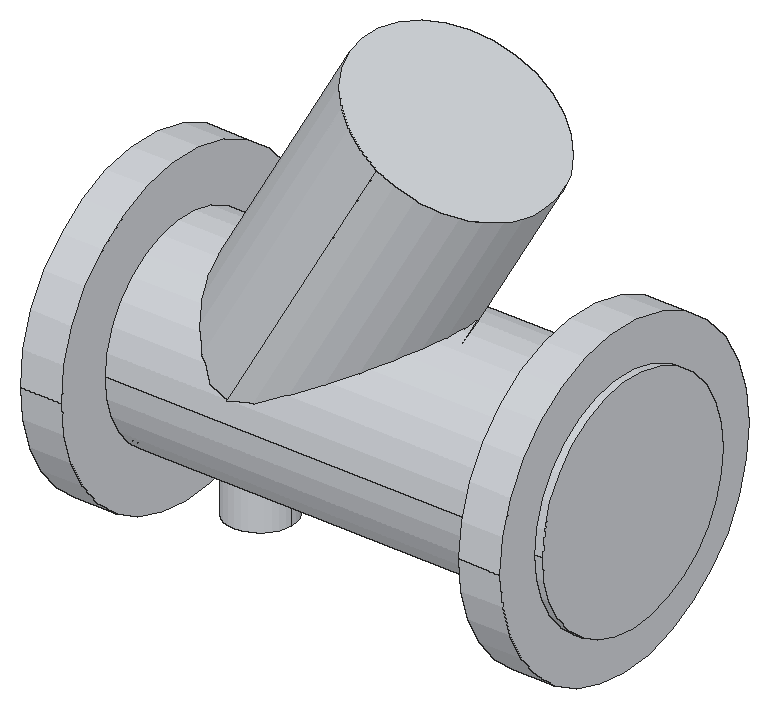
Revit family "HS 821-síto_jemné-PN40-DN150-RFA_2019", category Pipe Accessories, Revit 2019
Family settings
  Round Connector Dimension = Use Diameter
  Part Type = Breaks Into
  Work Plane-Based = No
  Always vertical = Yes
  Cut with Voids When Loaded = No
  Shared = No
Parameters (values of type "821F-DN150-PN40-síto_jemné")
  magiProductId = "0153b9ddabe14992a630484929fdbc"
  magiProductFamilyId = "79214ac3aaa945e397802f559f5c1e"
  magiPartTypeId = 307
  isMeasuringValve [instance] = no
  ang2D [instance] = 0.00°
  ZB__ve = -ZB  # -47 mm
  ZB1 = 88.29 mm
  ZB = 47 mm
  X2 = 155.885 mm
  X1 = 67.2 mm
  W2D = 15 mm
  VersionID = "2.0/2017.9.26.1/ZETKAMA_821_001"
  Use Minimum Symbol Size [instance] = yes
  URL = "www.hydronic.cz"
  Type Comments = "Filtr přírubový; síto jemné; A-PN16 (-10~300°C); D-PN25 (-10~350°C); F-PN40 (-10~400°C)"
  S = 218 mm
  QmdConnectorList = "301;D;302;D"
  Productdata [instance] = ""
  Manufacturer = "Hydronic Systems Prague s.r.o."
  MC Product Code = "250 692 (821F; DN150; PN40; kvs401,4; oko síta 0,63mm)"
  LM1 = 38.4 mm
  LM = 384 mm
  L4 = 120 mm
  L2D_Min = 3048 mm
  L2D = 130 mm
  L2 = 240 mm
  HH2 = 270 mm
  FD = 300 mm
  Description = "Filtr přírubový; síto jemné; 821A-PN16; 821D-PN25; 821F-PN40"
  DM1 = 192 mm
  DM = 196.2 mm
  D = 150 mm
  CC = 8.16 mm
  CAT0 = yes
  C1 = 39.84 mm
  C = 48 mm
  BD = 61.803 mm
Types (40, lengths in mm): name | magiProductId | ZB__ve | ZB1 | ZB | X2 | X1 | S | MC Product Code | LM1 | LM | L4 | L2 | HH2 | FD | DM1 | DM | D | CC | C1 | C | BD
  821A-DN015-PN16-síto_jemné | "a71bcfe8b393460598b23e8ddf7dc5" | -16.25 | 18.63 | 16.25 | 46.982 | 18.2 | 46 | "210 115 (821A; DN015; PN16; kvs6,2; oko síta 0,63mm)" | 10.4 | 104 | 32.5 | 65 | 81.375 | 95 | 27.6 | 41.4 | 15 | 2.21 | 10.79 | 13 | 13.041
  821A-DN020-PN16-síto_jemné | "41cd6c7a12924f4991217528336076" | -17.75 | 22.68 | 17.75 | 51.673 | 21 | 56 | "210 120 (821A; DN020; PN16; kvs9,6; oko síta 0,63mm)" | 12 | 120 | 37.5 | 75 | 89.5 | 105 | 33.6 | 50.4 | 20 | 2.55 | 12.45 | 15 | 15.876
  821A-DN025-PN16-síto_jemné | "be378b463ed14c3abf4c9b3ae8cf3a" | -19.25 | 26.325 | 19.25 | 58.601 | 22.4 | 65 | "210 125 (821A; DN025; PN16; kvs14,2; oko síta 0,63mm)" | 12.8 | 128 | 40 | 80 | 101.5 | 115 | 43.2 | 58.5 | 25 | 2.72 | 13.28 | 16 | 18.427
  821A-DN032-PN16-síto_jemné | "227a0d18b21540afabe8b6067d35fa" | -23 | 30.78 | 23 | 68.849 | 25.2 | 76 | "210 132 (821A; DN032; PN16; kvs23,1; oko síta 0,63mm)" | 14.4 | 144 | 45 | 90 | 119.25 | 140 | 50.4 | 68.4 | 32 | 3.06 | 14.94 | 18 | 21.546
  821A-DN040-PN16-síto_jemné | "d106917c74724141a10440112d0102" | -24.5 | 34.02 | 24.5 | 75.777 | 28 | 84 | "210 140 (821A; DN040; PN16; kvs36,6; oko síta 0,63mm)" | 16 | 160 | 50 | 100 | 131.25 | 150 | 60 | 75.6 | 40 | 3.4 | 16.6 | 20 | 23.814
  821A-DN050-PN16-síto_jemné | "8255d456a09e4f6486734f5dd9171b" | -26.75 | 40.095 | 26.75 | 79.061 | 32.2 | 99 | "210 150 (821A; DN050 PN16; kvs53,7; oko síta 0,63mm)" | 18.4 | 184 | 57.5 | 115 | 136.938 | 165 | 73.8 | 89.1 | 50 | 3.91 | 19.09 | 23 | 28.066
  821A-DN065-PN16-síto_jemné | "235b1b3e4c0843779a4d5e3716d40a" | -29.75 | 47.79 | 29.75 | 86.927 | 40.6 | 118 | "210 165 (821A; DN065; PN16; kvs95,1; oko síta 0,63mm)" | 23.2 | 232 | 72.5 | 145 | 150.562 | 185 | 94.2 | 106.2 | 65 | 4.93 | 24.07 | 29 | 33.453
  821A-DN080-PN16-síto_jemné | "a067f7c5236348ed8c820d16df7214" | -32 | 53.46 | 32 | 104.753 | 43.4 | 132 | "210 180 (821A; DN080; PN16; kvs137,1; oko síta 0,63mm)" | 24.8 | 248 | 77.5 | 155 | 181.438 | 200 | 107.4 | 118.8 | 80 | 5.27 | 25.73 | 31 | 37.422
  821A-DN100-PN16-síto_jemné | "c49a648c2747461285837d643703cd" | -35 | 63.18 | 35 | 114.857 | 49 | 156 | "210 190 (821A; DN100; PN16; kvs206,4; oko síta 0,63mm)" | 28 | 280 | 87.5 | 175 | 198.937 | 220 | 131.4 | 140.4 | 100 | 5.95 | 29.05 | 35 | 44.226
  821A-DN125-PN16-síto_jemné | "bf68e728a163493cbd2a663b26ebdc" | -39.5 | 74.52 | 39.5 | 131.888 | 56 | 184 | "210 191 (821A; DN125; PN16; kvs268,8; oko síta 0,63mm)" | 32 | 320 | 100 | 200 | 228.438 | 250 | 165 | 165.6 | 125 | 6.8 | 33.2 | 40 | 52.164
  821A-DN150-PN16-síto_jemné | "2de770284b654863ae6bc865769dc5" | -44.75 | 85.455 | 44.75 | 155.885 | 67.2 | 211 | "210 192 (821A; DN150; PN16; kvs401,4; oko síta 0,63mm)" | 38.4 | 384 | 120 | 240 | 270 | 285 | 192 | 189.9 | 150 | 8.16 | 39.84 | 48 | 59.818
  821A-DN200-PN16-síto_jemné | "8e5693371ab64aabb29a7f08c76e15" | -53 | 107.73 | 53 | 188.361 | 84 | 266 | "210 193 (821A; DN200; PN16; kvs706,7; oko síta 0,63mm)" | 48 | 480 | 150 | 300 | 326.25 | 340 | 252 | 239.4 | 200 | 10.2 | 49.8 | 60 | 75.411
  821A-DN250-PN16-síto_jemné | "05e37ed948c34047acdd4c42556504" | -62.75 | 129.195 | 62.75 | 255.911 | 102.2 | 319 | "210 194 (821A; DN250; PN16; kvs1229,4; oko síta 0,63mm)" | 58.4 | 584 | 182.5 | 365 | 443.25 | 405 | 309.6 | 287.1 | 250 | 12.41 | 60.59 | 73 | 90.436
  821A-DN300-PN16-síto_jemné | "9ad0af747269428da925480d83ce80" | -71 | 149.85 | 71 | 325.914 | 119 | 370 | "210 195 (821A; DN300; PN16; kvs1902,4; oko síta 0,63mm)" | 68 | 680 | 212.5 | 425 | 564.5 | 460 | 369.6 | 333 | 300 | 14.45 | 70.55 | 85 | 104.895
  821A-DN350-PN16-síto_jemné | "eebc71459bb3451bb4355e7951370a" | -80 | 173.745 | 80 | 356.875 | 137.2 | 429 | "200 196 (821A; DN350; PN16; kvs2611,0; oko síta 0,63mm)" | 78.4 | 784 | 245 | 490 | 618.125 | 520 | 438 | 386.1 | 350 | 16.66 | 81.34 | 98 | 121.621
  821A-DN400-PN16-síto_jemné | "d2f677cb196647e385b2590e7d8abe" | -89 | 194.4 | 89 | 392.237 | 154 | 480 | "210 197 (821A; DN400; PN16; kvs3438,4; oko síta 0,63mm)" | 88 | 880 | 275 | 550 | 679.375 | 580 | 498 | 432 | 400 | 18.7 | 91.3 | 110 | 136.08
  821D-DN015-PN25-síto_jemné | "27ddcbf555414f8ca1fde329bf9087" | -16.25 | 18.63 | 16.25 | 46.982 | 18.2 | 46 | "210 215 (821D; DN015; PN25; kvs6,2; oko síta 0,63mm)" | 10.4 | 104 | 32.5 | 65 | 81.375 | 95 | 27.6 | 41.4 | 15 | 2.21 | 10.79 | 13 | 13.041
  821D-DN020-PN25-síto_jemné | "270e0f14012f47189cd0235c18faee" | -17.75 | 22.68 | 17.75 | 51.673 | 21 | 56 | "210 220 (821D; DN020; PN25; kvs9,6; oko síta 0,63mm)" | 12 | 120 | 37.5 | 75 | 89.5 | 105 | 33.6 | 50.4 | 20 | 2.55 | 12.45 | 15 | 15.876
  821D-DN025-PN25-síto_jemné | "b9a7fb4aa36643878c637d8e1ab992" | -19.25 | 26.325 | 19.25 | 58.601 | 22.4 | 65 | "210 225 (821D; DN025; PN25; kvs14,2; oko síta 0,63mm)" | 12.8 | 128 | 40 | 80 | 101.5 | 115 | 43.2 | 58.5 | 25 | 2.72 | 13.28 | 16 | 18.427
  821D-DN032-PN25-síto_jemné | "6be9a55c4e68400f94eec7e804204c" | -23 | 30.78 | 23 | 68.849 | 25.2 | 76 | "210 232 (821D; DN032; PN25; kvs23,1; oko síta 0,63mm)" | 14.4 | 144 | 45 | 90 | 119.25 | 140 | 50.4 | 68.4 | 32 | 3.06 | 14.94 | 18 | 21.546
  821D-DN040-PN25-síto_jemné | "c54511bd7f584ec2984291479612cb" | -24.5 | 34.02 | 24.5 | 75.777 | 28 | 84 | "210 240 (821D; DN040; PN25; kvs36,6; oko síta 0,63mm)" | 16 | 160 | 50 | 100 | 131.25 | 150 | 60 | 75.6 | 40 | 3.4 | 16.6 | 20 | 23.814
  821D-DN050-PN25-síto_jemné | "5483b1f596b04cd39b23a14a22c90e" | -26.75 | 40.095 | 26.75 | 79.061 | 32.2 | 99 | "210 250 (821D; DN050; PN25; kvs53,7; oko síta 0,63mm)" | 18.4 | 184 | 57.5 | 115 | 136.938 | 165 | 73.8 | 89.1 | 50 | 3.91 | 19.09 | 23 | 28.066
  821D-DN065-PN25-síto_jemné | "767b0f8318e94750bc7a9930ed5b30" | -29.75 | 47.79 | 29.75 | 86.927 | 40.6 | 118 | "210 265 (821D; DN065; PN25; kvs95,1; oko síta 0,63mm)" | 23.2 | 232 | 72.5 | 145 | 150.562 | 185 | 94.2 | 106.2 | 65 | 4.93 | 24.07 | 29 | 33.453
  821D-DN080-PN25-síto_jemné | "e21040fa3cc2404b858198f6b73709" | -32 | 53.46 | 32 | 104.753 | 43.4 | 132 | "210 280 (821D; DN080; PN25; kvs137,1; oko síta 0,63mm)" | 24.8 | 248 | 77.5 | 155 | 181.438 | 200 | 107.4 | 118.8 | 80 | 5.27 | 25.73 | 31 | 37.422
  821D-DN100-PN25-síto_jemné | "175ca87a506b40b3bc6b82f12f33cf" | -37.25 | 63.18 | 37.25 | 114.857 | 49 | 156 | "210 290 (821D; DN100; PN25; kvs206,4; oko síta 0,63mm)" | 28 | 280 | 87.5 | 175 | 198.937 | 235 | 131.4 | 140.4 | 100 | 5.95 | 29.05 | 35 | 44.226
  821D-DN125-PN25-síto_jemné | "77cc98d60da24855999a22dff726b2" | -42.5 | 74.52 | 42.5 | 131.888 | 56 | 184 | "210 291 (821D; DN125; PN25; kvs268,8; oko síta 0,63mm)" | 32 | 320 | 100 | 200 | 228.438 | 270 | 165 | 165.6 | 125 | 6.8 | 33.2 | 40 | 52.164
  821D-DN150-PN25-síto_jemné | "9cf8acfcd15547d68e83172d3abcbe" | -47 | 85.455 | 47 | 155.885 | 67.2 | 211 | "210 292 (821D; DN150; PN25; kvs401,4; oko síta 0,63mm)" | 38.4 | 384 | 120 | 240 | 270 | 300 | 192 | 189.9 | 150 | 8.16 | 39.84 | 48 | 59.818
  821D-DN200-PN25-síto_jemné | "16973f3c9ea14389ba8602495a6b64" | -56 | 110.97 | 56 | 188.361 | 84 | 274 | "210 293 (821D; DN200; PN25; kvs706,7; oko síta 0,63mm)" | 48 | 480 | 150 | 300 | 326.25 | 360 | 252 | 246.6 | 200 | 10.2 | 49.8 | 60 | 77.679
  821F-DN015-PN40-síto_jemné | "4c7eaf3c4c0340888b3e684d8a8616" | -16.25 | 18.225 | 16.25 | 46.982 | 18.2 | 45 | "250 615 (821F; DN015; PN40; kvs6,2; oko síta 0,63mm)" | 10.4 | 104 | 32.5 | 65 | 81.375 | 95 | 27.6 | 40.5 | 15 | 2.21 | 10.79 | 13 | 12.757
  821F-DN020-PN40-síto_jemné | "aaac5f1ec96b44d6ba96ac2293d66d" | -17.75 | 23.49 | 17.75 | 51.673 | 21 | 58 | "250 620 (821F; DN020; PN40; kvs9,6; oko síta 0,63mm)" | 12 | 120 | 37.5 | 75 | 89.5 | 105 | 33.6 | 52.2 | 20 | 2.55 | 12.45 | 15 | 16.443
  821F-DN025-PN40-síto_jemné | "504768023968471481789485b54c7e" | -19.25 | 27.54 | 19.25 | 58.601 | 22.4 | 68 | "250 625 (821F; DN025; PN40; kvs14,2; oko síta 0,63mm)" | 12.8 | 128 | 40 | 80 | 101.5 | 115 | 43.2 | 61.2 | 25 | 2.72 | 13.28 | 16 | 19.278
  821F-DN032-PN40-síto_jemné | "165e7f39cf744f329bdf1c400dad12" | -23 | 31.59 | 23 | 68.849 | 25.2 | 78 | "250 632 (821F; DN032; PN40; kvs23,1; oko síta 0,63mm)" | 14.4 | 144 | 45 | 90 | 119.25 | 140 | 50.4 | 70.2 | 32 | 3.06 | 14.94 | 18 | 22.113
  821F-DN040-PN40-síto_jemné | "b8903f952089408fbf3a5a632bab1f" | -24.5 | 35.64 | 24.5 | 75.777 | 28 | 88 | "250 640 (821F; DN040; PN40; kvs36,6; oko síta 0,63mm)" | 16 | 160 | 50 | 100 | 131.25 | 150 | 60 | 79.2 | 40 | 3.4 | 16.6 | 20 | 24.948
  821F-DN050-PN40-síto_jemné | "c451f97266fe48da8f879cb6a2bd44" | -26.75 | 41.31 | 26.75 | 79.061 | 32.2 | 102 | "250 650 (821F; DN050; PN40; kvs53,7; oko síta 0,63mm)" | 18.4 | 184 | 57.5 | 115 | 136.938 | 165 | 73.8 | 91.8 | 50 | 3.91 | 19.09 | 23 | 28.917
  821F-DN065-PN40-síto_jemné | "dc9821e3f9b34e128f6a8c6b34c198" | -29.75 | 49.41 | 29.75 | 86.927 | 40.6 | 122 | "250 665 (821F; DN065; PN40; kvs95,1; oko síta 0,63mm)" | 23.2 | 232 | 72.5 | 145 | 150.562 | 185 | 94.2 | 109.8 | 65 | 4.93 | 24.07 | 29 | 34.587
  821F-DN080-PN40-síto_jemné | "689aa1e260f84cf4994f027a1d86b5" | -32 | 55.89 | 32 | 104.753 | 43.4 | 138 | "250 680 (821F; DN080; PN40; kvs137,1; oko síta 0,63mm)" | 24.8 | 248 | 77.5 | 155 | 181.438 | 200 | 107.4 | 124.2 | 80 | 5.27 | 25.73 | 31 | 39.123
  821F-DN100-PN40-síto_jemné | "8a45d4e8e2ab425f8c432f21d684f3" | -37.25 | 65.61 | 37.25 | 114.857 | 49 | 162 | "250 690 (821F; DN100; PN40; kvs206,4; oko síta 0,63mm)" | 28 | 280 | 87.5 | 175 | 198.937 | 235 | 131.4 | 145.8 | 100 | 5.95 | 29.05 | 35 | 45.927
  821F-DN125-PN40-síto_jemné | "cf073904c006406b8645afa67ea2fc" | -42.5 | 76.14 | 42.5 | 131.888 | 56 | 188 | "250 691 (821F; DN125; PN40; kvs268,8; oko síta 0,63mm)" | 32 | 320 | 100 | 200 | 228.438 | 270 | 165 | 169.2 | 125 | 6.8 | 33.2 | 40 | 53.298
  821F-DN150-PN40-síto_jemné | "0153b9ddabe14992a630484929fdbc" | -47 | 88.29 | 47 | 155.885 | 67.2 | 218 | "250 692 (821F; DN150; PN40; kvs401,4; oko síta 0,63mm)" | 38.4 | 384 | 120 | 240 | 270 | 300 | 192 | 196.2 | 150 | 8.16 | 39.84 | 48 | 61.803
  821F-DN200-PN40-síto_jemné | "7fb3fc01dd8d42428c203e3f8dd4d5" | -56 | 115.425 | 56 | 188.361 | 84 | 285 | "250 693 (821F; DN200; PN40; kvs706,7; oko síta 0,63mm)" | 48 | 480 | 150 | 300 | 326.25 | 360 | 252 | 256.5 | 200 | 10.2 | 49.8 | 60 | 80.797
Reference planes
  plane 1 "Center (Front/Back)": y = 0
  plane 2 "XYPLANE": z = 0
  plane 3 "Center (Left/Right)": x = 0
  plane 4 "109": x = -153.6
  plane 5 "108": x = 192
  plane 6 "107": x = -192
  plane 7 "105": x = 240
  plane 8 "104": x = -240
  plane 9 "103": y = 0
  plane 10 "102": z = 0
  plane 11 "101": x = -231.84
  plane 12 "100": x = 231.84
  plane 13 "11": x = -86.4
  plane 14 "10": z = 270
  plane 15 "9": x = 69.485
  plane 16 "5": z = -88.29
  plane 17 "4": x = -120
  plane 18 "1": x = 120
Forms (mm)
  Extrusion 1, solid, visible <- "CAT0"
    sketch origin (-192, -750, 0) x (0, 1, 0) y (0, 0, 1)
      loop
        circle (750, 0) r 98.1
    from 0 to 384 <- "LM"
  Extrusion 2, solid
    sketch origin (-240, -750, 0) x (0, 1, 0) y (0, 0, 1)
      loop
        circle (750, 0) r 109
    from 0 to 8.16 <- "CC"
  Extrusion 3, solid
    sketch origin (-231.84, -750, 0) x (0, 1, 0) y (0, 0, 1)
      loop
        circle (750, 0) r 150
    from 0 to 39.84 <- "C1"
  Extrusion 4, solid
    sketch origin (192, -750, 0) x (0, 1, 0) y (0, 0, 1)
      loop
        circle (750, 0) r 150
    from 0 to 39.84 <- "C1"
  Extrusion 5, solid
    sketch origin (231.84, -750, 0) x (0, 1, 0) y (0, 0, 1)
      loop
        circle (750, 0) r 109
    from 0 to 8.16 <- "CC"
  Sweep 6, solid, visible <- "CAT0"
    path origin (750, 0, 0) x (-1, 0, 0) y (0, 0, 1)
      loop
        line (942, 0) -> (836.4, 0) -> (680.515, 270)
    profile origin (-192, 0, 0) x (0, 0, -1) y (0, 1, 0)
      loop
        circle (0, 0) r 96
  Extrusion 7, solid, visible <- "CAT0"
    sketch origin (-750, 0, -88.29) x (1, 0, 0) y (0, 1, 0)
      loop
        circle (630, 0) r 30.901
    from 0 to -47 <- "ZB__ve"
  Extrusion 8, solid, visible <- "CAT0"
    sketch origin (-750, 0, -88.29) x (1, 0, 0) y (0, 1, 0)
      loop
        circle (870, 0) r 30.901
    from 0 to -47 <- "ZB__ve"
  Extrusion 9, solid, not visible
    sketch origin (240, -750, 0) x (0, 1, 0) y (0, 0, 1)
      loop
        circle (750, 0) r 10
    from 0 to -10
  Extrusion 10, solid, not visible
    sketch origin (-240, -750, 0) x (0, 1, 0) y (0, 0, 1)
      loop
        circle (750, 0) r 10
    from 0 to 10
Lines and regions (mm)
  reference lines, not visible
    curve 1: circle (2, 2, 0) r 1 normal (0, 0, 1)
Dimensions and locks
  plane 1 "Center (Front/Back)" to curve 1 = 2 mm
  "LM1": plane 6 "107" to plane 4 "109"
  "LM": plane 6 "107" to plane 5 "108"
  "C": plane 8 "104" to plane 6 "107"
  "L2": plane 3 "Center (Left/Right)" to plane 7 "105"
  "L2": plane 3 "Center (Left/Right)" to plane 8 "104"
  locked: plane 1 "Center (Front/Back)" to plane 9 "103"
  locked: plane 2 "XYPLANE" to plane 10 "102"
  "CC": plane 8 "104" to plane 11 "101"
  "C1": plane 5 "108" to plane 12 "100"
  "X1": plane 4 "109" to plane 13 "11"
  "HH2": plane 2 "XYPLANE" to plane 14 "10"
  "X2": plane 13 "11" to plane 15 "9"
  "ZB1": plane 2 "XYPLANE" to plane 16 "5"
  "L4": plane 8 "104" to plane 17 "4"
  "L2": plane 17 "4" to plane 18 "1"
  Sweep 6 sketch curve to Sweep 6 sketch curve = 0 mm  (x2)
  "DM": diameter of Extrusion 1 sketch curve
  "S": diameter of Extrusion 2 sketch curve
  "FD": diameter of Extrusion 3 sketch curve
  "FD": diameter of Extrusion 4 sketch curve
  "S": diameter of Extrusion 5 sketch curve
  "DM1": diameter of Sweep 6 sketch curve
  "BD": diameter of Extrusion 7 sketch curve
  "BD": diameter of Extrusion 8 sketch curve
  aligned and locked: level to plane 2 "XYPLANE"
  aligned and locked: Extrusion 1 sketch curve to plane 9 "103"
  aligned and locked: plane 10 "102" to Extrusion 1 sketch curve
  aligned and locked: Extrusion 2 sketch curve to plane 9 "103"
  aligned and locked: plane 10 "102" to Extrusion 2 sketch curve
  aligned and locked: Extrusion 3 sketch curve to plane 9 "103"
  aligned and locked: plane 10 "102" to Extrusion 3 sketch curve
  aligned and locked: Extrusion 4 sketch curve to plane 9 "103"
  aligned and locked: plane 10 "102" to Extrusion 4 sketch curve
  aligned and locked: Extrusion 5 sketch curve to plane 9 "103"
  aligned and locked: plane 10 "102" to Extrusion 5 sketch curve
  aligned and locked: Sweep 6 sketch curve to plane 9 "103"
  aligned and locked: plane 10 "102" to Sweep 6 sketch curve  (x3)
  aligned and locked: plane 6 "107" to Sweep 6 sketch curve
  aligned and locked: plane 13 "11" to Sweep 6 sketch curve
  aligned and locked: plane 14 "10" to Sweep 6 sketch curve
  aligned and locked: plane 15 "9" to Sweep 6 sketch curve
  aligned and locked: plane 9 "103" to Extrusion 7 sketch curve
  aligned and locked: plane 17 "4" to Extrusion 7 sketch curve
  aligned and locked: plane 9 "103" to Extrusion 8 sketch curve
  aligned and locked: plane 18 "1" to Extrusion 8 sketch curve
  aligned and locked: Extrusion 9 sketch curve to plane 9 "103"
  aligned and locked: plane 10 "102" to Extrusion 9 sketch curve
  aligned and locked: Extrusion 10 sketch curve to plane 9 "103"
  aligned and locked: plane 10 "102" to Extrusion 10 sketch curve
Automatic sketch dimensions
  plane 1 "Center (Front/Back)" to Extrusion 9 sketch curve = 10 mm
  plane 1 "Center (Front/Back)" to Extrusion 10 sketch curve = 10 mm
  plane 3 "Center (Left/Right)" to curve 1 = 2 mm
  radius of curve 1 = 1 mm
Connectors
  piping at (-240, 0, 0), diameter 150, driven by "D"
    settings: on Extrusion 10, index 1, connector inside diameter 609.6 mm, connector length 0 mm, flow factor 0, pipe flow 0.0 L/s, pressure drop 0.0 Pa, fitting loss kfactor 0, connector angle 0.00°, fixture units 0, engagement length 0 mm, angle of deflection 0.00°, flow configuration 0, flow direction 0, fitting loss method 0, system type 29, joint type 0, gender type 0, connector reference index 2, connector utility 0, adjustable connector no, is connector primary yes, connector description ""
  piping at (240, 0, 0), diameter 150, driven by "D"
    settings: on Extrusion 9, index 2, connector inside diameter 609.6 mm, connector length 0 mm, flow factor 0, pipe flow 0.0 L/s, pressure drop 0.0 Pa, fitting loss kfactor 0, connector angle 0.00°, fixture units 0, engagement length 0 mm, angle of deflection 0.00°, flow configuration 0, flow direction 0, fitting loss method 0, system type 29, joint type 0, gender type 0, connector reference index 1, connector utility 0, adjustable connector no, is connector primary no, connector description ""
